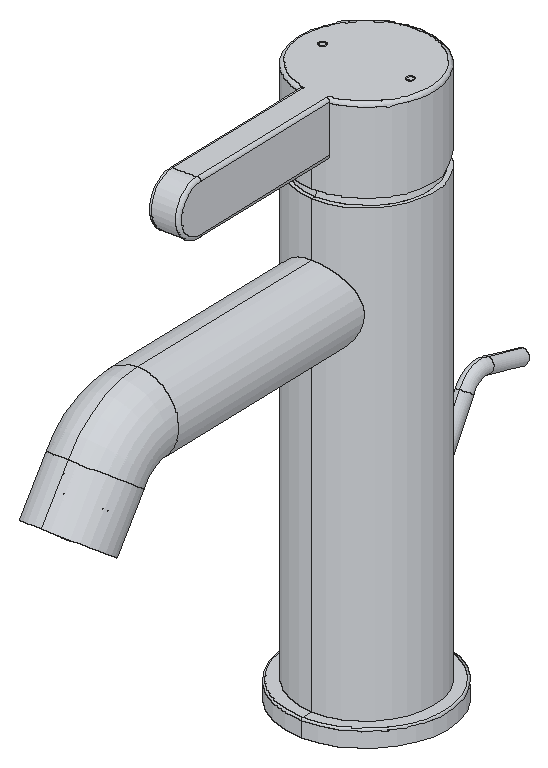
Revit family "Faucet-Lavatory-KOHLER-Atom-K-29178T", category Plumbing Fixtures, host Face, Revit 2021
Family settings
  Host = Face
  Round Connector Dimension = Use Diameter
  Part Type = Normal
  OmniClass Number = 23.31.11.00
  OmniClass Title = Faucets
  Cut with Voids When Loaded = No
  Shared = No
  Room Calculation Point = No
Parameters (values of type "CP-Polished Chrome")
  Width = 1.9685"  # constant formula
  WaterSense Certified = 1 = 0  # no
  Waste Water Outlet = "Waste Water Outlet"  # constant formula
  Waste Connection = 1 = 0  # no
  Vent Connection = 1 = 0  # no
  URL = "http://www.kohler.com.cn/"
  Type = 1
  Spout Reach = Length  # 4.33071"
  Product Page URL = ""
  Product Name = "Atom"  # constant formula
  Product Documentation Link = ""
  Pressure = 0.00 psi
  Model = "K-29178T-4-CP"  # constant formula
  Material = "Premium Metal Construction"  # constant formula
  Master Format 2014 Name = "Residential Faucets, Supplies, and Trim"  # constant formula
  Master Format 2014 = "22 41 39"  # constant formula
  Manufacturer Address = "Kohler Beijing Office (100016) 36-2-03-B, No. 88, Liuxiang Road, Beijing"  # constant formula
  Manufacturer = "Kohler Co."  # constant formula
  Length = 4.33071"  # constant formula
  Hot Water Inlet = "Hot Water Inlet"  # constant formula
  Height = 6.62992"  # constant formula
  Handle Clearance = 2.95276"  # constant formula
  HW Connection = 1 = 1  # yes
  Flow Rate = 2.2 GPM  # constant formula
  Finish = Kohler-Metal-CP-Polished_Chrome
  Environmental Product Declaration = ""
  Drain Included = 1 = 0  # no
  Description = "Single Control Lavatory Faucet With Upright Handle"  # constant formula
  Default Elevation = 36"
  Declare Label = ""
  Date Modified = "12/28/2023"  # constant formula
  Date Created = "12/28/2023"  # constant formula
  Copyright = "Copyright Kohler Co."  # constant formula
  Contact Us = "http://www.kohler.com.cn/contact/contact-us/"
  Cold Water Inlet = "Cold Water Inlet"  # constant formula
  CW Connection = 1 = 1  # yes
  Assembly Code = "D2010"
  ADA Compliant = 1 = 0  # no
Reference planes (in)
  plane 1 "Center (Front/Back)": y = 0
  plane 2: z = 0
  plane 3 "Center (Left/Right)": x = 0
  plane 4: y = 0.98425
  plane 5: x = -0.98425
  plane 6: x = 0.98425
  plane 7: y = -0.98425
  plane 8: y = -2.95276
  plane 9: y = -4.71654
  plane 10: z = 3.55512
  plane 11: z = 6.62992
  plane 12: y = -4.33071
  plane 13: through (0, -2.1777, 6.62994) normal (0, -0.8192, 0.5736)
  plane 14: x = -0.51181
  plane 15: x = 0.51181
  plane 16: x = -0.7874
  plane 17: y = 0.7874
  plane 18: x = 0.7874
  plane 19: y = -0.7874
  plane 20: y = 2.2714
  plane 21: z = 2.79254
  plane 22: through (0, 0.74802, 0) normal (0, 0.5736, 0.8192)
Dimensions and locks (in)
  plane 9 to plane 1 "Center (Front/Back)" = 4.71654"
  plane 14 to plane 15 = 1.02362"
  plane 1 "Center (Front/Back)" to plane 17 = 0.7874"
  plane 16 to plane 14 = 0.27559"
  "Height": plane 11 to level
  "Handle Clearance": plane 1 "Center (Front/Back)" to plane 8
  plane 4 to plane 9 = 5.70079"
  level to plane 10 = 3.55512"
  plane 4 to plane 7 = 1.9685"
  "Length": plane 1 "Center (Front/Back)" to plane 12
  "Width": plane 5 to plane 6
  plane 20 to nested 1 = 2.2714"
  level to plane 21 = 2.79254"
  aligned and locked: plane 2 to host face
  aligned and locked: level to host face
  aligned and locked: plane 1 "Center (Front/Back)" to nested 1
  aligned and locked: plane 3 "Center (Left/Right)" to nested 1
Automatic sketch dimensions
  host sketch curve to host sketch curve = 96"  (x2)
Nested families (in)
  nested 1: "K-29178T" at (0, 0, 0), type "K-29178T"
Connectors (in)
  piping at (-0.51181, 0, 0), diameter 0.5, driven by "Flow Rate", driven by "HW Connection", driven by "Hot Water Inlet"
    settings: on nested 1, index 1, connector inside diameter 24", connector length 0", flow factor 0, pipe flow 2.2 GPM, pressure drop 0.00 psi, fitting loss kfactor 0, connector angle 0.00°, fixture units 0, engagement length 0", angle of deflection 0.00°, flow configuration 1, flow direction 1, fitting loss method 0, system type 19, joint type 0, gender type 0, connector reference index -1, connector utility 1, adjustable connector no, is connector primary yes, connector description "Hot Water Inlet"
  piping at (0.51181, 0, 0), diameter 0.5, driven by "Flow Rate", driven by "CW Connection", driven by "Cold Water Inlet"
    settings: on nested 1, index 2, connector inside diameter 24", connector length 0", flow factor 0, pipe flow 2.2 GPM, pressure drop 0.00 psi, fitting loss kfactor 0, connector angle 0.00°, fixture units 0, engagement length 0", angle of deflection 0.00°, flow configuration 1, flow direction 1, fitting loss method 0, system type 20, joint type 0, gender type 0, connector reference index -1, connector utility 1, adjustable connector no, is connector primary no, connector description "Cold Water Inlet"
Definition of nested family "K-29178T"
  Parameters
    Material = none
    Default Elevation = 0"
  Reference planes (in)
    plane 1 "Center (Front/Back)": y = 0
    plane 2: z = 0
    plane 3 "Center (Left/Right)": x = 0
    plane 4: y = 0.98425
    plane 5: y = -0.98425
    plane 6: z = 6.62992
    plane 7: y = -4.33071
    plane 8: y = -4.71654
    plane 9: x = -0.98425
    plane 10: x = 0.98425
    plane 11: y = -2.95276
    plane 12: z = 3.55512
    plane 13: through (0, -4.33071, 3.55512) normal (0, 0.8192, -0.5736)
    plane 14: x = 0.51181
    plane 15: x = -0.51181
    plane 16: x = -0.7874
    plane 17: x = 0.7874
    plane 18: y = -0.7874
    plane 19: y = 0.7874
    plane 20: y = 2.2714
    plane 21: z = 2.79254
    plane 22: through (0, -4.71654, 3.82632) normal (0, -0.5736, -0.8192)
  Forms (in)
    Revolve 1, solid, material <- "Material", detail levels medium+fine
      sketch origin (0, 0, 0) x (0, 1, 0) y (0, 0, 1)
        loop
          line (0, 0) -> (0.94478, 0) -> (0.94478, 0.17717)
          arc (0.94478, 0.17717) -> (0.93902, 0.19108) -> (0.9251, 0.19685) r 0.01969
          line (0.9251, 0.19685) -> (0.7874, 0.19685) -> (0.7874, 5.53916) -> (0.73239, 5.53916)
          arc (0.73239, 5.53916) -> (0.66595, 5.7435) -> (0.5446, 5.92082) r 0.75436
          line (0.5446, 5.92082) -> (0, 5.92082) -> (0, 0)
        axis (0, 0) -> (0, 5.92082)
      angle from 0 to 360
    Revolve 2, solid, material <- "Material", detail levels medium+fine
      sketch origin (0, 0, 0) x (0, 1, 0) y (0, 0, 1)
        loop
          line (0, 5.64536) -> (0, 6.62994) -> (-0.74803, 6.62994)
          arc (-0.74803, 6.62994) -> (-0.77587, 6.61841) -> (-0.7874, 6.59057) r 0.03937
          line (-0.7874, 6.59057) -> (-0.7874, 5.64536) -> (0, 5.64536)
        axis (0, 6.62994) -> (0, 5.64536)
      angle from 0 to 360
    Extrusion 3, void
      sketch origin (0, 0, 0) x (0, 1, 0) y (0, 0, 1)
        loop
          line (0.98812, 5.96475) -> (-0.00947, 5.59583) -> (0.98812, 5.59583) -> (0.98812, 5.96475)
      from -1.0149 to 1.00536
    Extrusion 4, void
      sketch origin (0, 0, 0) x (1, 0, 0) y (0, 0, 1)
        loop
          circle (0, 6.26388) r 0.14173
      from -0.98812 to -0.64136
    Extrusion 5, solid, detail levels medium+fine
      sketch origin (0, 0, 0) x (1, 0, 0) y (0, 0, 1)
        loop
          circle (0, 6.26388) r 0.1378
      from -0.78748 to -0.64136
    Revolve 6, solid, material <- "Material", detail levels coarse
      sketch origin (0, 0, 0) x (0, 1, 0) y (0, 0, 1)
        loop
          line (0, 0) -> (0.98425, 0) -> (0.98425, 0.19685) -> (0.7874, 0.19685) -> (0.7874, 5.60121) -> (0.58407, 5.92082) -> (0, 5.92082) -> (0, 0)
        axis (0, 0) -> (0, 5.92082)
      angle from 0 to 360
    Revolve 7, solid, material <- "Material", detail levels coarse
      sketch origin (0, 0, 0) x (0, 1, 0) y (0, 0, 1)
        loop
          line (0, 5.64536) -> (0, 6.62994) -> (-0.74803, 6.62994)
          arc (-0.74803, 6.62994) -> (-0.77587, 6.61841) -> (-0.7874, 6.59057) r 0.03937
          line (-0.7874, 6.59057) -> (-0.7874, 5.64536) -> (0, 5.64536)
        axis (0, 6.62994) -> (0, 5.64536)
      angle from 0 to 360
    Sweep 8, solid, material <- "Material", detail levels medium+fine
      path origin (0, 0, 0) x (0, 1, 0) y (0, 0, 1)
        loop
          line (-4.33139, 3.55415) -> (-3.94567, 4.10503)
          arc (-3.94567, 4.10503) -> (-3.67372, 4.34352) -> (-3.32238, 4.42949) r 0.7609
          line (-3.32238, 4.42949) -> (-0.18232, 4.42949)
      profile origin (0, -1.75235, 4.42949) x (0, 0, 1) y (1, 0, 0)
        loop
          circle (0, 0) r 0.47244
    Sweep 9, void
      path origin (0, 0, 0) x (0, 1, 0) y (0, 0, 1)
        loop
          line (-4.3973, 3.46003) -> (-4.11658, 3.86094)
      profile origin (0, -4.25694, 3.66048) x (0, -0.819152, 0.573576) y (1, 0, 0)
        loop
          circle (0, 0) r 0.43307
    Revolve 10, solid, detail levels medium+fine
      sketch origin (0, 0, 0) x (0, 1, 0) y (0, 0, 1)
        loop
          line (-4.338, 3.54472) -> (-4.11658, 3.86094) -> (-4.47133, 4.10934) -> (-4.58424, 3.94809) -> (-4.47639, 3.87257) -> (-4.54101, 3.75262) -> (-4.50996, 3.73088)
          arc (-4.50996, 3.73088) -> (-4.43501, 3.62761) -> (-4.338, 3.54472) r 0.54215
        axis (-4.11658, 3.86094) -> (-4.338, 3.54472)
      angle from 0 to 360
    Extrusion 11, void
      sketch origin (0, 0, 0) x (0, 1, 0) y (0, 0, 1)
        loop
          line (-4.41231, 3.52874) -> (-4.32874, 3.47023) -> (-4.20965, 3.64032) -> (-4.29321, 3.69883) -> (-4.41231, 3.52874)
      from -0.34375 to 0.31622
    Sweep 12, solid, material <- "Material", detail levels coarse
      path origin (0, 0, 0) x (0, 1, 0) y (0, 0, 1)
        loop
          line (-4.33139, 3.55415) -> (-3.94567, 4.10503)
          arc (-3.94567, 4.10503) -> (-3.67372, 4.34352) -> (-3.32238, 4.42949) r 0.7609
          line (-3.32238, 4.42949) -> (-0.18232, 4.42949)
      profile origin (0, -1.75235, 4.42949) x (0, 0, 1) y (1, 0, 0)
        loop
          circle (0, 0) r 0.47244
    Extrusion 13, void
      sketch origin (0, 0, 0) x (1, 0, 0) y (0, 1, 0)
        loop
          circle (-0.51181, 0) r 0.03937
      from 6.53296 to 6.66894
    Extrusion 14, void
      sketch origin (0, 0, 0) x (-1, 0, 0) y (0, -1, 0)
        loop
          circle (-0.51181, 0) r 0.03937
      from 6.53296 to 6.66894
    Extrusion 15, solid
      sketch origin (0, 0, 0) x (1, 0, 0) y (0, 1, 0)
        loop
          circle (-0.51181, 0) r 0.03937
      from 6.53296 to 6.62994
    Extrusion 16, solid
      sketch origin (0, 0, 0) x (-1, 0, 0) y (0, -1, 0)
        loop
          circle (-0.51181, 0) r 0.03937
      from 6.53296 to 6.62994
    Extrusion 17, solid, material <- "Material"
      sketch origin (0, 0, 0) x (1, 0, 0) y (0, 1, 0)
        loop
          circle (-0.51181, 0) r 0.11811
      from 0 to 0.19685
    Extrusion 18, solid, material <- "Material"
      sketch origin (0, 0, 0) x (1, 0, 0) y (0, 1, 0)
        loop
          circle (0.51181, 0) r 0.11811
      from 0 to 0.19685
    Sweep 19, solid, material <- "Material", detail levels medium+fine
      path origin (0, 0, 0) x (0, 1, 0) y (0, 0, 1)
        loop
          line (-0.37047, 6.62994) -> (-2.6343, 6.62994)
          arc (-2.6343, 6.62994) -> (-2.94925, 6.31499) -> (-2.6343, 6.00004) r 0.31495
          line (-2.6343, 6.00004) -> (-0.37047, 6.00004)
      profile origin (0, -1.50239, 6.62994) x (0, 0, -1) y (1, 0, 0)
        loop
          arc (0, -0.13845) -> (0.01153, -0.16629) -> (0.03937, -0.17782) r 0.03937
          line (0.03937, -0.17782) -> (0.07487, -0.17782) -> (0.07487, 0.17782) -> (0.03937, 0.17782)
          arc (0.03937, 0.17782) -> (0.01153, 0.16629) -> (0, 0.13845) r 0.03937
          line (0, 0.13845) -> (0, -0.13845)
    Extrusion 20, solid, material <- "Material", detail levels medium+fine
      sketch origin (0, 0, 0) x (0, 1, 0) y (0, 0, 1)
        loop
          line (-2.6343, 6.07492) -> (-0.71408, 6.07492) -> (-0.71408, 6.55507) -> (-2.6343, 6.55507)
          arc (-2.6343, 6.55507) -> (-2.87438, 6.31499) -> (-2.6343, 6.07492) r 0.24007
      from -0.17782 to 0.17782
    Extrusion 21, solid, material <- "Material", detail levels coarse
      sketch origin (0, 0, 0) x (0, 1, 0) y (0, 0, 1)
        loop
          line (-0.60747, 6.62994) -> (-2.62906, 6.62994)
          arc (-2.62906, 6.62994) -> (-2.94401, 6.31499) -> (-2.62906, 6.00004) r 0.31495
          line (-2.62906, 6.00004) -> (-0.60747, 6.00004) -> (-0.60747, 6.62994)
      from -0.17782 to 0.17782
    Sweep 22, solid, material <- "Material"
      path origin (0, 0, 0) x (0, 1, 0) y (0, 0, 1)
        loop
          line (2.25263, 2.5605) -> (1.73917, 2.69808)
          arc (1.73917, 2.69808) -> (1.56238, 2.6865) -> (1.42917, 2.56968) r 0.27559
          line (1.42917, 2.56968) -> (0.56188, 1.06749)
      profile origin (0, 2.25263, 2.5605) x (0, -0.258819, -0.965926) y (1, 0, 0)
        loop
          circle (0, 0) r 0.0845
    Revolve 23, void
      sketch origin (0, 0, 0) x (0, 1, 0) y (0, 0, 1)
        loop
          line (0.93247, 1.72324) -> (0.84992, 1.77091) -> (0.47332, 1.11862) -> (0.55587, 1.07095) -> (0.93247, 1.72324)
        axis (0.93247, 1.72324) -> (0.55587, 1.07095)
      angle from 0 to 360
  Cuts and joins
    Sweep 9 cuts Sweep 8
    Extrusion 11 cuts Revolve 10
    Extrusion 13, Extrusion 14 cuts Revolve 7
    joined: Revolve 7, Extrusion 21
    Extrusion 3, Extrusion 4, Extrusion 13, Extrusion 14 cuts Revolve 2
    joined: Revolve 2, Sweep 19, Extrusion 20
    Revolve 23 cuts Revolve 6
    Revolve 23 cuts Revolve 1
  Lines and regions (in)
    Masking region 1
      outline origin (0, 0, 0) x (1, 0, 0) y (0, 1, 0)
        loop
          arc (-0.98425, 0) -> (-0.8471, -0.50179) -> (-0.47244, -0.86269) r 0.97995
          line (-0.47244, -0.86269) -> (-0.47244, -4.33066)
          arc (-0.47244, -4.33066) -> (-0.45728, -4.43034) -> (-0.41315, -4.52101) r 0.33515
          arc (-0.41315, -4.52101) -> (-0.33562, -4.60507) -> (-0.23776, -4.66424) r 0.40693
          arc (-0.23776, -4.66424) -> (-0.12133, -4.7015) -> (0, -4.71654) r 0.65683
          arc (0, -4.71654) -> (0.12133, -4.7015) -> (0.23776, -4.66424) r 0.65683
          arc (0.23776, -4.66424) -> (0.33562, -4.60507) -> (0.41315, -4.52101) r 0.40693
          arc (0.41315, -4.52101) -> (0.45728, -4.43034) -> (0.47244, -4.33066) r 0.33515
          line (0.47244, -4.33066) -> (0.47244, -0.86269)
          arc (0.47244, -0.86269) -> (0.8471, -0.50179) -> (0.98425, 0) r 0.97995
          arc (0.98425, 0) -> (0.72525, 0.66541) -> (0.08454, 0.98061) r 0.98425
          line (0.08454, 0.98061) -> (0.08454, 2.23867)
          spline (0.08454, 2.23867) -> (0.08418, 2.24175) -> (0.08308, 2.24481) -> (0.08127, 2.24781) -> (0.07875, 2.25073) -> (0.07556, 2.25355) -> (0.07171, 2.25624) -> (0.06724, 2.25877) -> (0.06218, 2.26114) -> (0.05659, 2.2633) -> (0.05051, 2.26526) -> (0.044, 2.26698) -> (0.0371, 2.26846)
          arc (0.0371, 2.26846) -> (0.01864, 2.27102) -> (0, 2.2714) r 0.1584
          arc (0, 2.2714) -> (-0.02469, 2.27042) -> (-0.04893, 2.26562) r 0.1584
          spline (-0.04893, 2.26562) -> (-0.05421, 2.26401) -> (-0.05914, 2.26225) -> (-0.06371, 2.26033) -> (-0.06787, 2.25828) -> (-0.07161, 2.25611) -> (-0.0749, 2.25383) -> (-0.07771, 2.25145) -> (-0.08004, 2.24899) -> (-0.08187, 2.24647) -> (-0.08319, 2.2439) -> (-0.08398, 2.24129) -> (-0.08424, 2.23867)
          line (-0.08424, 2.23867) -> (-0.08424, 0.98064)
          arc (-0.08424, 0.98064) -> (-0.72514, 0.66552) -> (-0.98425, 0) r 0.98425
    Masking region 2
      outline origin (0, 0, 0) x (1, 0, 0) y (0, 0, 1)
        loop
          line (-0.7874, 6.59055) -> (-0.7874, 5.6457) -> (-0.7314, 5.6457)
          arc (-0.7314, 5.6457) -> (-0.74734, 5.59322) -> (-0.75653, 5.53914) r 0.43336
          line (-0.75653, 5.53914) -> (-0.7874, 5.53914) -> (-0.7874, 0.19688) -> (-0.96457, 0.19688)
          arc (-0.96457, 0.19688) -> (-0.97849, 0.19111) -> (-0.98425, 0.17719) r 0.01969
          line (-0.98425, 0.17719) -> (-0.98425, 0) -> (0, 0) -> (0.98425, 0) -> (0.98425, 0.17719)
          arc (0.98425, 0.17719) -> (0.97849, 0.19111) -> (0.96457, 0.19688) r 0.01969
          line (0.96457, 0.19688) -> (0.7874, 0.19688) -> (0.7874, 5.53914) -> (0.75653, 5.53914)
          arc (0.75653, 5.53914) -> (0.74734, 5.59322) -> (0.7314, 5.6457) r 0.43336
          line (0.7314, 5.6457) -> (0.7874, 5.6457) -> (0.7874, 6.59055)
          arc (0.7874, 6.59055) -> (0.77587, 6.61839) -> (0.74803, 6.62992) r 0.03937
          line (0.74803, 6.62992) -> (0, 6.62992) -> (-0.74803, 6.62992)
          arc (-0.74803, 6.62992) -> (-0.77587, 6.61839) -> (-0.7874, 6.59055) r 0.03937
    Masking region 3
      outline origin (0, 0, 0) x (0, 1, 0) y (0, 0, 1)
        loop
          arc (0.7874, 6.59055) -> (0.77587, 6.61839) -> (0.74803, 6.62992) r 0.03937
          line (0.74803, 6.62992) -> (-2.63871, 6.62992)
          arc (-2.63871, 6.62992) -> (-2.79005, 6.59162) -> (-2.90496, 6.48594) r 0.31817
          arc (-2.90496, 6.48594) -> (-2.94209, 6.4041) -> (-2.95276, 6.31485) r 0.29396
          arc (-2.95276, 6.31485) -> (-2.94487, 6.22906) -> (-2.91229, 6.1493) r 0.29203
          arc (-2.91229, 6.1493) -> (-2.79611, 6.03524) -> (-2.63871, 5.99358) r 0.31817
          line (-2.63871, 5.99358) -> (-0.86614, 5.99358)
          arc (-0.86614, 5.99358) -> (-0.81046, 5.97052) -> (-0.7874, 5.91484) r 0.07874
          line (-0.7874, 5.91484) -> (-0.7874, 5.64542) -> (-0.7299, 5.64542)
          arc (-0.7299, 5.64542) -> (-0.74428, 5.59249) -> (-0.75655, 5.53903) r 1.38621
          line (-0.75655, 5.53903) -> (-0.7874, 5.53903) -> (-0.7874, 4.94864)
          arc (-0.7874, 4.94864) -> (-0.79893, 4.92081) -> (-0.82677, 4.90927) r 0.03937
          line (-0.82677, 4.90927) -> (-3.20361, 4.90927)
          arc (-3.20361, 4.90927) -> (-3.87298, 4.74548) -> (-4.39108, 4.29112) r 1.44963
          line (-4.39108, 4.29112) -> (-4.71654, 3.82632) -> (-3.94334, 3.28492) -> (-3.60574, 3.76706)
          arc (-3.60574, 3.76706) -> (-3.43995, 3.91246) -> (-3.22575, 3.96487) r 0.46388
          line (-3.22575, 3.96487) -> (-0.82677, 3.96487)
          arc (-0.82677, 3.96487) -> (-0.79893, 3.95334) -> (-0.7874, 3.9255) r 0.03937
          line (-0.7874, 3.9255) -> (-0.7874, 0.19685) -> (-0.96457, 0.19685)
          arc (-0.96457, 0.19685) -> (-0.97849, 0.19108) -> (-0.98425, 0.17717) r 0.01969
          line (-0.98425, 0.17717) -> (-0.98425, 0) -> (0, 0) -> (0.98425, 0) -> (0.98425, 0.17717)
          arc (0.98425, 0.17717) -> (0.97849, 0.19108) -> (0.96457, 0.19685) r 0.01969
          line (0.96457, 0.19685) -> (0.7874, 0.19685) -> (0.7874, 1.24506) -> (1.48006, 2.49464)
          arc (1.48006, 2.49464) -> (1.59436, 2.59756) -> (1.7478, 2.60829) r 0.23622
          line (1.7478, 2.60829) -> (2.19509, 2.48844) -> (2.23387, 2.49047) -> (2.2714, 2.63053) -> (2.24266, 2.65065) -> (1.75819, 2.78047)
          arc (1.75819, 2.78047) -> (1.53177, 2.76594) -> (1.36058, 2.61704) r 0.35433
          line (1.36058, 2.61704) -> (0.7874, 1.63658) -> (0.7874, 5.53917) -> (0.75665, 5.53917)
          arc (0.75665, 5.53917) -> (0.71167, 5.69256) -> (0.63735, 5.83408) r 0.80761
          line (0.63735, 5.83408) -> (0.7874, 5.88869) -> (0.7874, 6.59055)
    symbolic lines, detail levels medium+fine
      curve 1: arc (0, 0.82626, 0) -> (-0.03711, 0.82539, 0) -> (-0.07414, 0.82285, 0) r 0.82668
      curve 2: line (-0.47244, -0.86269, 0) -> (-0.47244, -0.70151, 0)
      curve 3: arc (-0.49089, -0.6649, 0) -> (-0.47732, -0.68101, 0) -> (-0.47244, -0.70151, 0) r 0.04554
      curve 4: arc (-0.47244, -0.83704, 0) -> (-0.93205, 0.24725, 0) -> (0, 0.96712, 0) r 0.96409
      curve 5: line (-0.07414, 0.82285, 0) -> (-0.12447, 0.82285, 0)
      curve 6: arc (-0.12447, 0.82285, 0) -> (-0.13974, 0.82, 0) -> (-0.15294, 0.81182, 0) r 0.04225
      curve 7: arc (0, 0.78781, 0) -> (-0.78002, 0.1035, 0) -> (-0.20573, -0.76073, 0) r 0.7881
      curve 8: circle (-0.51181, 0, 0) r 0.03937 normal (0, 0, 1)
      curve 9: line (-0.47244, -3.21903, 0) -> (0, -3.21903, 0)
      curve 10: arc (0, -4.37926, 0) -> (-0.22601, -4.33153, 0) -> (-0.40785, -4.18908, 0) r 0.51056
      curve 11: arc (-0.40785, -4.18908, 0) -> (-0.45116, -4.11627, 0) -> (-0.47244, -4.03426, 0) r 0.30058
      curve 12: arc (0, 0.82626, 0) -> (0.03711, 0.82539, 0) -> (0.07414, 0.82285, 0) r 0.82668
      curve 13: line (0.47244, -0.86269, 0) -> (0.47244, -0.70151, 0)
      curve 14: arc (0.49089, -0.6649, 0) -> (0.47732, -0.68101, 0) -> (0.47244, -0.70151, 0) r 0.04554
      curve 15: arc (0.47244, -0.83704, 0) -> (0.93205, 0.24725, 0) -> (0, 0.96712, 0) r 0.96409
      curve 16: line (0.07414, 0.82285, 0) -> (0.12447, 0.82285, 0)
      curve 17: arc (0.12447, 0.82285, 0) -> (0.13974, 0.82, 0) -> (0.15294, 0.81182, 0) r 0.04225
      curve 18: arc (0, 0.78781, 0) -> (0.78002, 0.1035, 0) -> (0.20573, -0.76073, 0) r 0.7881
      curve 19: circle (0.51181, 0, 0) r 0.03937 normal (0, 0, -1)
      curve 20: line (0.47244, -3.21903, 0) -> (0, -3.21903, 0)
      curve 21: arc (0, -4.37926, 0) -> (0.22601, -4.33153, 0) -> (0.40785, -4.18908, 0) r 0.51056
      curve 22: arc (0.40785, -4.18908, 0) -> (0.45116, -4.11627, 0) -> (0.47244, -4.03426, 0) r 0.30058
      curve 23: line (-0.98425, 0, 0.17719) -> (0, 0, 0.17719)
      curve 24: line (-0.7874, 0, 0.19688) -> (0, 0, 0.19688)
      curve 25: line (-0.75653, 0, 5.53914) -> (0, 0, 5.53914)
      curve 26: line (-0.745, 0, 5.6457) -> (0, 0, 5.6457)
      curve 27: line (-0.7874, 0, 6.59055) -> (-0.17782, 0, 6.59057)
      curve 28: arc (0, 0, 4.90682) -> (-0.33969, 0, 4.75346) -> (-0.47144, 0, 4.40481) r 0.48697
      curve 29: line (-0.47144, 0, 4.40481) -> (-0.47144, 0, 3.55426)
      curve 30: arc (-0.47144, 0, 3.55426) -> (-0.45911, 0, 3.49103) -> (-0.42393, 0, 3.43707) r 0.16829
      curve 31: arc (-0.42393, 0, 3.43707) -> (-0.31912, 0, 3.35615) -> (-0.19572, 0, 3.30812) r 0.46424
      curve 32: arc (-0.19572, 0, 3.30812) -> (-0.0985, 0, 3.29128) -> (0, 0, 3.28551) r 0.87324
      curve 33: arc (-0.47144, 0, 3.55426) -> (-0.45911, 0, 3.61749) -> (-0.42393, 0, 3.67145) r 0.16829
      curve 34: arc (-0.42393, 0, 3.67145) -> (-0.31912, 0, 3.75236) -> (-0.19572, 0, 3.80039) r 0.46424
      curve 35: arc (-0.19572, 0, 3.80039) -> (-0.0985, 0, 3.81724) -> (0, 0, 3.82301) r 0.87324
      curve 36: spline (0, 0, 3.80346) -> (-0.0268, 0, 3.80299) -> (-0.0535, 0, 3.80156) -> (-0.08, 0, 3.79918) -> (-0.10618, 0, 3.79587) -> (-0.13196, 0, 3.79164) -> (-0.15724, 0, 3.7865) -> (-0.18191, 0, 3.78047) -> (-0.20588, 0, 3.77357) -> (-0.22906, 0, 3.76584) -> (-0.25137, 0, 3.7573) -> (-0.2727, 0, 3.74798) -> (-0.293, 0, 3.73793)
      curve 37: line (-0.28363, 0, 3.59539) -> (-0.2944, 0, 3.65647)
      curve 38: arc (-0.2944, 0, 3.65647) -> (-0.2976, 0, 3.6973) -> (-0.2929, 0, 3.73798) r 0.21257
      curve 39: spline (-0.293, 0, 3.73793) -> (-0.35043, 0, 3.70091) -> (-0.39392, 0, 3.65809) -> (-0.42172, 0, 3.61117) -> (-0.43274, 0, 3.56202) -> (-0.42653, 0, 3.51259) -> (-0.40335, 0, 3.46485) -> (-0.3641, 0, 3.4207) -> (-0.31037, 0, 3.3819) -> (-0.24428, 0, 3.35) -> (-0.16846, 0, 3.32625) -> (-0.08594, 0, 3.31162) -> (0, 0, 3.30668)
      curve 40: arc (-0.47144, 0, 4.07055) -> (-0.26024, 0, 4.23305) -> (0, 0, 4.29039) r 0.61206
      curve 41: arc (-0.47144, 0, 4.40481) -> (-0.36229, 0, 4.786) -> (0, 0, 4.94714) r 0.46875
      curve 42: line (0.98425, 0, 0.17719) -> (0, 0, 0.17719)
      curve 43: line (0.7874, 0, 0.19688) -> (0, 0, 0.19688)
      curve 44: line (0.75653, 0, 5.53914) -> (0, 0, 5.53914)
      curve 45: line (0.745, 0, 5.6457) -> (0, 0, 5.6457)
      curve 46: line (0.7874, 0, 6.59055) -> (0.17782, 0, 6.59057)
      curve 47: arc (0, 0, 4.90682) -> (0.33969, 0, 4.75346) -> (0.47144, 0, 4.40481) r 0.48697
      curve 48: line (0.47144, 0, 4.40481) -> (0.47144, 0, 3.55426)
      curve 49: arc (0.47144, 0, 3.55426) -> (0.45911, 0, 3.49103) -> (0.42393, 0, 3.43707) r 0.16829
      curve 50: arc (0.42393, 0, 3.43707) -> (0.31912, 0, 3.35615) -> (0.19572, 0, 3.30812) r 0.46424
      curve 51: arc (0.19572, 0, 3.30812) -> (0.0985, 0, 3.29128) -> (0, 0, 3.28551) r 0.87324
      curve 52: arc (0.47144, 0, 3.55426) -> (0.45911, 0, 3.61749) -> (0.42393, 0, 3.67145) r 0.16829
      curve 53: arc (0.42393, 0, 3.67145) -> (0.31912, 0, 3.75236) -> (0.19572, 0, 3.80039) r 0.46424
      curve 54: arc (0.19572, 0, 3.80039) -> (0.0985, 0, 3.81724) -> (0, 0, 3.82301) r 0.87324
      curve 55: spline (0, 0, 3.80346) -> (0.0268, 0, 3.80299) -> (0.0535, 0, 3.80156) -> (0.08, 0, 3.79918) -> (0.10618, 0, 3.79587) -> (0.13196, 0, 3.79164) -> (0.15724, 0, 3.7865) -> (0.18191, 0, 3.78047) -> (0.20588, 0, 3.77357) -> (0.22906, 0, 3.76584) -> (0.25137, 0, 3.7573) -> (0.2727, 0, 3.74798) -> (0.293, 0, 3.73793)
      curve 56: line (0.28363, 0, 3.59539) -> (0.2944, 0, 3.65647)
      curve 57: arc (0.2944, 0, 3.65647) -> (0.2976, 0, 3.6973) -> (0.2929, 0, 3.73798) r 0.21257
      curve 58: spline (0.293, 0, 3.73793) -> (0.35043, 0, 3.70091) -> (0.39392, 0, 3.65809) -> (0.42172, 0, 3.61117) -> (0.43274, 0, 3.56202) -> (0.42653, 0, 3.51259) -> (0.40335, 0, 3.46485) -> (0.3641, 0, 3.4207) -> (0.31037, 0, 3.3819) -> (0.24428, 0, 3.35) -> (0.16846, 0, 3.32625) -> (0.08594, 0, 3.31162) -> (0, 0, 3.30668)
      curve 59: arc (0.47144, 0, 4.07055) -> (0.26024, 0, 4.23305) -> (0, 0, 4.29039) r 0.61206
      curve 60: arc (0.47144, 0, 4.40481) -> (0.36229, 0, 4.786) -> (0, 0, 4.94714) r 0.46875
      curve 61: arc (0, 0.78748, 6.39556) -> (0, 0.77316, 6.26488) -> (0, 0.78748, 6.13421) r 0.60334
      curve 62: line (0, 0.11901, 5.64542) -> (0, -0.7299, 5.64542)
      curve 63: line (0, 0.7874, 0.19685) -> (0, 0, 0.19685)
      curve 64: line (0, 0.98425, 0.17717) -> (0, 0, 0.17717)
      curve 65: line (0, -0.7874, 0.19685) -> (0, 0, 0.19685)
      curve 66: line (0, -0.98425, 0.17717) -> (0, 0, 0.17717)
      curve 67: arc (0, -0.7874, 4.94864) -> (0, -0.60509, 4.43706) -> (0, -0.78745, 3.9255) r 0.80882
      curve 68: arc (0, -0.82677, 4.90927) -> (0, -0.66485, 4.43706) -> (0, -0.82682, 3.96487) r 0.76941
      curve 69: line (0, 0.75665, 5.53917) -> (0, -0.75655, 5.53903)
      curve 70: arc (0, -0.69569, 6.62992) -> (0, -0.71581, 6.61468) -> (0, -0.72325, 6.59055) r 0.04115
      curve 71: line (0, -0.72325, 6.59055) -> (0, -0.72325, 6.06986)
      curve 72: line (0, -0.79522, 6.59055) -> (0, -0.79522, 6.07651)
      curve 73: line (0, -0.79522, 6.59055) -> (0, -0.79522, 6.62992)
      curve 74: line (0, -4.39108, 4.29112) -> (0, -3.61788, 3.74972)
      curve 75: line (0, -3.20361, 4.90927) -> (0, -3.20361, 3.96487)
      curve 76: line (0, 0.64943, 5.83848) -> (0, 0.11901, 5.64542)
      curve 77: arc (-0.07414, 0.82285, 0) -> (-0.11367, 0.81829, 0) -> (-0.15294, 0.81182, 0) r 0.82668
      curve 78: arc (0.07414, 0.82285, 0) -> (0.11367, 0.81829, 0) -> (0.15294, 0.81182, 0) r 0.82668
      curve 79: arc (0.15294, 0.81182, 0) -> (0.80495, 0.18401, 0) -> (0.49089, -0.6649, 0) r 0.82668
      curve 80: arc (-0.15294, 0.81182, 0) -> (-0.80495, 0.18401, 0) -> (-0.49089, -0.6649, 0) r 0.82668
      curve 81: arc (0, -0.72325, 6.06986) -> (0, -0.73992, 5.98597) -> (0, -0.7874, 5.91484) r 0.21938
      curve 82: arc (0, -0.79522, 6.07651) -> (0, -0.81537, 6.02195) -> (0, -0.86614, 5.99358) r 0.08395
      curve 83: line (-0.17719, -0.86865, 0) -> (-0.17719, -2.91339, 0)
      curve 84: line (-0.14766, -0.83671, 0) -> (-0.14766, -2.90354, 0)
      curve 85: arc (-0.2336, -0.79314, 0) -> (-0.19285, -0.82152, 0) -> (-0.17719, -0.86865, 0) r 0.07874
      curve 86: arc (-0.20573, -0.76073, 0) -> (-0.16384, -0.7889, 0) -> (-0.14766, -0.83671, 0) r 0.07874
      curve 87: line (0.17719, -0.86865, 0) -> (0.17719, -2.91339, 0)
      curve 88: line (0.14766, -0.83671, 0) -> (0.14766, -2.90354, 0)
      curve 89: arc (0.20573, -0.76073, 0) -> (0.16384, -0.7889, 0) -> (0.14766, -0.83671, 0) r 0.07874
      curve 90: arc (0.2336, -0.79314, 0) -> (0.19285, -0.82152, 0) -> (0.17719, -0.86865, 0) r 0.07874
      curve 91: line (-0.13782, -2.95276, 0) -> (0.13782, -2.95276, 0)
      curve 92: line (-0.12798, -2.92323, 0) -> (0.12798, -2.92323, 0)
      curve 93: arc (-0.17719, -2.91339, 0) -> (-0.16566, -2.94122, 0) -> (-0.13782, -2.95276, 0) r 0.03937
      curve 94: arc (0.13782, -2.95276, 0) -> (0.16566, -2.94122, 0) -> (0.17719, -2.91339, 0) r 0.03937
      curve 95: arc (-0.14766, -2.90354, 0) -> (-0.1419, -2.91746, 0) -> (-0.12798, -2.92323, 0) r 0.01969
      curve 96: arc (0.12798, -2.92323, 0) -> (0.1419, -2.91746, 0) -> (0.14766, -2.90354, 0) r 0.01969
      curve 97: line (-0.17782, 0, 6.59057) -> (-0.17782, 0, 6.03941)
      curve 98: line (0.17782, 0, 6.03941) -> (0.17782, 0, 6.59057)
      curve 99: arc (0.13845, 0, 6.62994) -> (0.16629, 0, 6.61841) -> (0.17782, 0, 6.59057) r 0.03937
      curve 100: arc (-0.17782, 0, 6.59057) -> (-0.16629, 0, 6.61841) -> (-0.13845, 0, 6.62994) r 0.03937
      curve 101: arc (-0.17782, 0, 6.03941) -> (-0.16629, 0, 6.01158) -> (-0.13845, 0, 6.00004) r 0.03937
      curve 102: line (-0.13845, 0, 6.00004) -> (0.13845, 0, 6.00004)
      curve 103: arc (0.13845, 0, 6.00004) -> (0.16629, 0, 6.01158) -> (0.17782, 0, 6.03941) r 0.03937
      curve 104: line (-0.13845, 0, 6.62994) -> (-0.13845, 0, 6.00004)
      curve 105: line (0.13845, 0, 6.62994) -> (0.13845, 0, 6.00004)
      curve 106: line (0, 0.7874, 6.59055) -> (0, -2.62376, 6.59055)
      curve 107: line (0, -0.72464, 6.04525) -> (0, -2.62376, 6.04525)
      curve 108: arc (0, -2.62376, 6.59055) -> (0, -2.89641, 6.3179) -> (0, -2.62376, 6.04525) r 0.27265
      curve 109: arc (-0.49089, -0.6649, 0) -> (-0.36786, -0.74029, 0) -> (-0.2336, -0.79314, 0) r 0.82668
      curve 110: arc (0.49089, -0.6649, 0) -> (0.36786, -0.74029, 0) -> (0.2336, -0.79314, 0) r 0.82668
      curve 111: arc (-0.20573, -0.76073, 0) -> (0, -0.78823, 0) -> (0.20573, -0.76073, 0) r 0.78346
      curve 112: line (0, 2.24266, 2.65065) -> (0, 2.19509, 2.48844)
      curve 113: arc (0, 0.7874, 1.63658) -> (0, 0.78154, 1.44082) -> (0, 0.7874, 1.24506) r 3.26991
      curve 114: spline (0.00059, 0, 3.76235) -> (-0.00548, 0, 3.76231) -> (-0.01154, 0, 3.7622) -> (-0.0176, 0, 3.762) -> (-0.02365, 0, 3.76174) -> (-0.02969, 0, 3.76139) -> (-0.03571, 0, 3.76097) -> (-0.04172, 0, 3.76047) -> (-0.04771, 0, 3.75989) -> (-0.05368, 0, 3.75924) -> (-0.05962, 0, 3.75851) -> (-0.06553, 0, 3.75771) -> (-0.07142, 0, 3.75683)
      curve 115: line (0.00059, 0, 3.61831) -> (-0.28003, 0, 3.61831)
      curve 116: spline (-0.28003, 0, 3.61831) -> (-0.28123, 0, 3.61285) -> (-0.28213, 0, 3.60736) -> (-0.28272, 0, 3.60186) -> (-0.28301, 0, 3.59635) -> (-0.283, 0, 3.59084) -> (-0.28269, 0, 3.58533) -> (-0.28207, 0, 3.57983) -> (-0.28115, 0, 3.57435) -> (-0.27993, 0, 3.56888) -> (-0.27841, 0, 3.56344) -> (-0.27659, 0, 3.55804) -> (-0.27447, 0, 3.55267)
      curve 117: spline (-0.27447, 0, 3.55267) -> (-0.27292, 0, 3.54918) -> (-0.27125, 0, 3.54571) -> (-0.26945, 0, 3.54226) -> (-0.26753, 0, 3.53883) -> (-0.26549, 0, 3.53543) -> (-0.26332, 0, 3.53205) -> (-0.26103, 0, 3.52871) -> (-0.25863, 0, 3.52539) -> (-0.2561, 0, 3.5221) -> (-0.25346, 0, 3.51885) -> (-0.25069, 0, 3.51563) -> (-0.24782, 0, 3.51245)
      curve 118: spline (0.00059, 0, 3.76235) -> (0.00665, 0, 3.76231) -> (0.01272, 0, 3.7622) -> (0.01877, 0, 3.762) -> (0.02482, 0, 3.76174) -> (0.03086, 0, 3.76139) -> (0.03689, 0, 3.76097) -> (0.0429, 0, 3.76047) -> (0.04888, 0, 3.75989) -> (0.05485, 0, 3.75924) -> (0.06079, 0, 3.75851) -> (0.06671, 0, 3.75771) -> (0.07259, 0, 3.75683)
      curve 119: line (0.00059, 0, 3.61831) -> (0.28121, 0, 3.61831)
      curve 120: spline (0.28121, 0, 3.61831) -> (0.2824, 0, 3.61285) -> (0.2833, 0, 3.60736) -> (0.2839, 0, 3.60186) -> (0.28419, 0, 3.59635) -> (0.28418, 0, 3.59084) -> (0.28386, 0, 3.58533) -> (0.28324, 0, 3.57983) -> (0.28232, 0, 3.57435) -> (0.2811, 0, 3.56888) -> (0.27958, 0, 3.56344) -> (0.27776, 0, 3.55804) -> (0.27564, 0, 3.55267)
      curve 121: spline (0.27564, 0, 3.55267) -> (0.2741, 0, 3.54918) -> (0.27242, 0, 3.54571) -> (0.27063, 0, 3.54226) -> (0.26871, 0, 3.53883) -> (0.26666, 0, 3.53543) -> (0.2645, 0, 3.53205) -> (0.26221, 0, 3.52871) -> (0.2598, 0, 3.52539) -> (0.25727, 0, 3.5221) -> (0.25463, 0, 3.51885) -> (0.25187, 0, 3.51563) -> (0.24899, 0, 3.51245)
      curve 122: line (-0.25815, 0, 3.66286) -> (0.00059, 0, 3.66286)
      curve 123: spline (-0.25815, 0, 3.66286) -> (-0.26076, 0, 3.6593) -> (-0.26322, 0, 3.65571) -> (-0.26555, 0, 3.65208) -> (-0.26774, 0, 3.64843) -> (-0.26978, 0, 3.64474) -> (-0.27168, 0, 3.64103) -> (-0.27344, 0, 3.6373) -> (-0.27505, 0, 3.63354) -> (-0.27652, 0, 3.62976) -> (-0.27784, 0, 3.62596) -> (-0.27901, 0, 3.62214) -> (-0.28003, 0, 3.61831)
      curve 124: line (0.25932, 0, 3.66286) -> (0.00059, 0, 3.66286)
      curve 125: spline (0.25932, 0, 3.66286) -> (0.26193, 0, 3.6593) -> (0.2644, 0, 3.65571) -> (0.26672, 0, 3.65208) -> (0.26891, 0, 3.64843) -> (0.27096, 0, 3.64474) -> (0.27286, 0, 3.64103) -> (0.27461, 0, 3.6373) -> (0.27623, 0, 3.63354) -> (0.27769, 0, 3.62976) -> (0.27901, 0, 3.62596) -> (0.28018, 0, 3.62214) -> (0.28121, 0, 3.61831)
      curve 126: line (-0.20303, 0, 3.71114) -> (0.2042, 0, 3.71114)
      curve 127: spline (-0.18673, 0, 3.72037) -> (-0.18813, 0, 3.71963) -> (-0.18953, 0, 3.71888) -> (-0.19092, 0, 3.71813) -> (-0.1923, 0, 3.71738) -> (-0.19367, 0, 3.71662) -> (-0.19503, 0, 3.71585) -> (-0.19639, 0, 3.71508) -> (-0.19773, 0, 3.7143) -> (-0.19907, 0, 3.71352) -> (-0.2004, 0, 3.71273) -> (-0.20172, 0, 3.71194) -> (-0.20303, 0, 3.71114)
      curve 128: spline (0.1879, 0, 3.72037) -> (0.1893, 0, 3.71963) -> (0.1907, 0, 3.71888) -> (0.19209, 0, 3.71813) -> (0.19347, 0, 3.71738) -> (0.19484, 0, 3.71662) -> (0.19621, 0, 3.71585) -> (0.19756, 0, 3.71508) -> (0.19891, 0, 3.7143) -> (0.20024, 0, 3.71352) -> (0.20157, 0, 3.71273) -> (0.20289, 0, 3.71194) -> (0.2042, 0, 3.71114)
      curve 129: line (-0.24782, 0, 3.51245) -> (0.00059, 0, 3.51245)
      curve 130: line (0.24899, 0, 3.51245) -> (0.00059, 0, 3.51245)
      curve 131: line (-0.18067, 0, 3.46417) -> (0.18185, 0, 3.46417)
      curve 132: spline (-0.24782, 0, 3.51245) -> (-0.24343, 0, 3.50789) -> (-0.23881, 0, 3.50342) -> (-0.23396, 0, 3.49903) -> (-0.22888, 0, 3.49474) -> (-0.22357, 0, 3.49054) -> (-0.21805, 0, 3.48644) -> (-0.21232, 0, 3.48245) -> (-0.20638, 0, 3.47856) -> (-0.20024, 0, 3.47478) -> (-0.1939, 0, 3.47113) -> (-0.18738, 0, 3.46758) -> (-0.18067, 0, 3.46417)
      curve 133: spline (0.24899, 0, 3.51245) -> (0.24461, 0, 3.50789) -> (0.23999, 0, 3.50342) -> (0.23513, 0, 3.49903) -> (0.23005, 0, 3.49474) -> (0.22475, 0, 3.49054) -> (0.21923, 0, 3.48644) -> (0.21349, 0, 3.48245) -> (0.20755, 0, 3.47856) -> (0.20141, 0, 3.47478) -> (0.19508, 0, 3.47113) -> (0.18855, 0, 3.46758) -> (0.18185, 0, 3.46417)
      curve 134: spline (-0.18067, 0, 3.46417) -> (-0.16777, 0, 3.45816) -> (-0.15431, 0, 3.45261) -> (-0.14033, 0, 3.44753) -> (-0.12589, 0, 3.44294) -> (-0.11102, 0, 3.43886) -> (-0.09577, 0, 3.43528) -> (-0.08021, 0, 3.43224) -> (-0.06438, 0, 3.42974) -> (-0.04833, 0, 3.42778) -> (-0.03211, 0, 3.42638) -> (-0.01579, 0, 3.42554) -> (0.00059, 0, 3.42526)
      curve 135: spline (0.18185, 0, 3.46417) -> (0.16895, 0, 3.45816) -> (0.15549, 0, 3.45261) -> (0.14151, 0, 3.44753) -> (0.12706, 0, 3.44294) -> (0.11219, 0, 3.43886) -> (0.09695, 0, 3.43528) -> (0.08138, 0, 3.43224) -> (0.06555, 0, 3.42974) -> (0.0495, 0, 3.42778) -> (0.03329, 0, 3.42638) -> (0.01696, 0, 3.42554) -> (0.00059, 0, 3.42526)
      curve 136: line (-0.25815, 0, 3.66286) -> (-0.25815, 0, 3.61831)
      curve 137: line (-0.20303, 0, 3.71114) -> (-0.20303, 0, 3.61831)
      curve 138: line (-0.14025, 0, 3.74011) -> (-0.14025, 0, 3.61831)
      curve 139: line (-0.07142, 0, 3.75683) -> (-0.07142, 0, 3.61831)
      curve 140: spline (-0.20303, 0, 3.71114) -> (-0.20867, 0, 3.70758) -> (-0.21413, 0, 3.70393) -> (-0.21941, 0, 3.70019) -> (-0.22451, 0, 3.69635) -> (-0.22942, 0, 3.69243) -> (-0.23413, 0, 3.68843) -> (-0.23865, 0, 3.68434) -> (-0.24297, 0, 3.68018) -> (-0.24708, 0, 3.67595) -> (-0.25098, 0, 3.67165) -> (-0.25467, 0, 3.66728) -> (-0.25815, 0, 3.66286)
      curve 141: spline (-0.14138, 0, 3.73972) -> (-0.14539, 0, 3.73831) -> (-0.14937, 0, 3.73687) -> (-0.1533, 0, 3.73539) -> (-0.1572, 0, 3.73386) -> (-0.16105, 0, 3.7323) -> (-0.16486, 0, 3.73071) -> (-0.16862, 0, 3.72907) -> (-0.17234, 0, 3.7274) -> (-0.17601, 0, 3.7257) -> (-0.17963, 0, 3.72396) -> (-0.1832, 0, 3.72218) -> (-0.18673, 0, 3.72037)
      curve 142: spline (-0.07142, 0, 3.75683) -> (-0.07741, 0, 3.75585) -> (-0.08337, 0, 3.7548) -> (-0.08928, 0, 3.75367) -> (-0.09515, 0, 3.75246) -> (-0.10098, 0, 3.75117) -> (-0.10676, 0, 3.74981) -> (-0.11248, 0, 3.74838) -> (-0.11816, 0, 3.74687) -> (-0.12377, 0, 3.74529) -> (-0.12933, 0, 3.74363) -> (-0.13482, 0, 3.7419) -> (-0.14025, 0, 3.74011)
      curve 143: line (0.00059, 0, 3.76235) -> (0.00059, 0, 3.61831)
      curve 144: line (0.25932, 0, 3.66286) -> (0.25932, 0, 3.61831)
      curve 145: line (0.2042, 0, 3.71114) -> (0.2042, 0, 3.61831)
      curve 146: line (0.14142, 0, 3.74011) -> (0.14142, 0, 3.61831)
      curve 147: line (0.07259, 0, 3.75683) -> (0.07259, 0, 3.61831)
      curve 148: spline (0.07259, 0, 3.75683) -> (0.07858, 0, 3.75585) -> (0.08454, 0, 3.7548) -> (0.09046, 0, 3.75367) -> (0.09633, 0, 3.75246) -> (0.10215, 0, 3.75117) -> (0.10793, 0, 3.74981) -> (0.11366, 0, 3.74838) -> (0.11933, 0, 3.74687) -> (0.12494, 0, 3.74529) -> (0.1305, 0, 3.74363) -> (0.13599, 0, 3.7419) -> (0.14142, 0, 3.74011)
      curve 149: spline (0.14142, 0, 3.74011) -> (0.14554, 0, 3.73868) -> (0.14962, 0, 3.73721) -> (0.15365, 0, 3.7357) -> (0.15765, 0, 3.73415) -> (0.1616, 0, 3.73256) -> (0.1655, 0, 3.73093) -> (0.16935, 0, 3.72927) -> (0.17316, 0, 3.72756) -> (0.17692, 0, 3.72582) -> (0.18063, 0, 3.72404) -> (0.18429, 0, 3.72222) -> (0.1879, 0, 3.72037)
      curve 150: spline (0.2042, 0, 3.71114) -> (0.20984, 0, 3.70758) -> (0.2153, 0, 3.70393) -> (0.22059, 0, 3.70019) -> (0.22568, 0, 3.69635) -> (0.23059, 0, 3.69243) -> (0.23531, 0, 3.68843) -> (0.23982, 0, 3.68434) -> (0.24414, 0, 3.68018) -> (0.24825, 0, 3.67595) -> (0.25215, 0, 3.67165) -> (0.25585, 0, 3.66728) -> (0.25932, 0, 3.66286)
      curve 151: line (-0.25815, 0, 3.52476) -> (-0.25815, 0, 3.55267)
      curve 152: line (-0.20303, 0, 3.47647) -> (-0.20303, 0, 3.55267)
      curve 153: line (-0.14025, 0, 3.4475) -> (-0.14025, 0, 3.55267)
      curve 154: line (-0.07142, 0, 3.43078) -> (-0.07142, 0, 3.55267)
      curve 155: line (0.00059, 0, 3.42526) -> (0.00059, 0, 3.55267)
      curve 156: line (0.25932, 0, 3.52476) -> (0.25932, 0, 3.55267)
      curve 157: line (0.2042, 0, 3.47647) -> (0.2042, 0, 3.55267)
      curve 158: line (0.14142, 0, 3.4475) -> (0.14142, 0, 3.55267)
      curve 159: line (0.07259, 0, 3.43078) -> (0.07259, 0, 3.55267)
      curve 160: line (-0.27447, 0, 3.55267) -> (0.27564, 0, 3.55267)
  Dimensions and locks (in)
    aligned and locked: plane 2 to level
    aligned and locked: plane 1 "Center (Front/Back)" to Extrusion 17 sketch curve
    aligned and locked: plane 1 "Center (Front/Back)" to Extrusion 18 sketch curve
    aligned and locked: Masking region 2 sketch curve to plane 6
    aligned and locked: plane 6 to Masking region 2 sketch curve
    aligned and locked: Masking region 2 sketch curve to plane 2
    aligned and locked: plane 2 to Masking region 2 sketch curve
    aligned and locked: Masking region 3 sketch curve to plane 6
    aligned and locked: Masking region 3 sketch curve to plane 2
    aligned and locked: plane 2 to Masking region 3 sketch curve
    aligned and locked: plane 1 "Center (Front/Back)" to Extrusion 16 sketch curve
    aligned and locked: plane 14 to Extrusion 16 sketch curve
    aligned and locked: plane 14 to Extrusion 18 sketch curve
    aligned and locked: plane 1 "Center (Front/Back)" to Extrusion 15 sketch curve
    aligned and locked: plane 15 to Extrusion 15 sketch curve
    aligned and locked: plane 15 to Extrusion 17 sketch curve
    aligned and locked: plane 15 to Extrusion 13 sketch curve
    aligned and locked: plane 1 "Center (Front/Back)" to Extrusion 13 sketch curve
    aligned and locked: plane 14 to Extrusion 14 sketch curve
    aligned and locked: plane 1 "Center (Front/Back)" to Extrusion 14 sketch curve
    aligned and locked: plane 1 "Center (Front/Back)" to curve 19
    aligned and locked: plane 14 to curve 19
    aligned and locked: plane 1 "Center (Front/Back)" to curve 8
    aligned and locked: plane 15 to curve 8
    aligned and locked: Masking region 2 sketch curve to plane 16
    aligned and locked: Masking region 2 sketch curve to plane 17  (x2)
    aligned and locked: Masking region 3 sketch curve to plane 19  (x2)
    aligned and locked: plane 18 to Masking region 3 sketch curve  (x2)
    aligned and locked: Masking region 3 sketch curve to plane 18
    aligned and locked: plane 11 to curve 91
